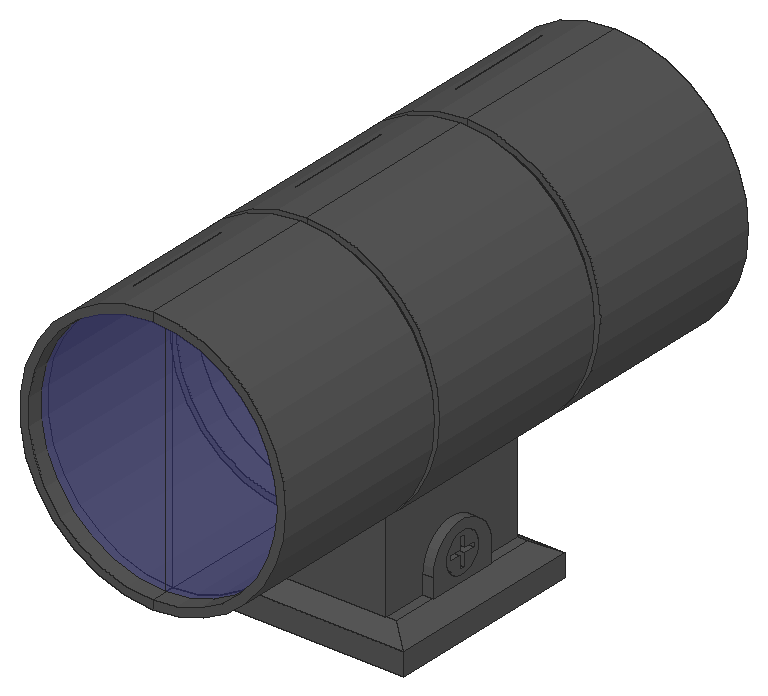
Revit family "CARLO CYLINDER LIGHT WALL MOUNT", category Lighting Fixtures, host Face, Revit 2020 (continued)
Types (10): name | Wattage_Input | Wattage Comments | Wattage | Photometric Web File | built-in parameter 1150142 | Model | built-in parameter 1150105 | Lumens | Light Length 1 | LIGHT RADIUS | LIGHT PLACEMENT | LIGHT LENGTH | LIGHT DIA | built-in parameter 1150106 | FIXED END HEIGHT | Curve base Height | Base Curve | BEAMING ANGLE | Apparent Load
    9.3 1377.2 1374.4 1370.7 1366 1360.4 1354.1 1347.2 1339.9 1332.4 \r\n 1324.4 1315.7 1306.2 1295.4 1284.6 1275.5 1266.8 1257.2 1247.3 1237.7 \r\n 1227.5 1216.2 1204 1190.9 1177.2 1163.5 1149.4 1135.2 1120.4 1104.3 \r\n 1087.4 1070.4 1052.6 1033.7 1013.7 992.05 969.44 946.41 922.47 897.19 \r\n 870.94 843.11 816.25 793.11 772.49 754.42 737.97 722.16 707.13 692.66 \r\n 678.81 665.66 652.86 639.98 627.31 615.14 603.06 590.68 578.18 565.57 \r\n 552.96 541.01 528.13 513.46 495.39 471.49 443.45 411.52 377.68 344.14 \r\n 310.4 276.73 243.02 208.86 175.45 143.49 114.15 88.456 67.452 53.148 \r\n 43.62 38.264 35.123 31.79 29.02 26.872 25.024 23.07 21.316 19.985 \r\n 18.925 18.092 17.38 16.643 15.961 15.383 14.859 14.35 13.877 13.453 \r\n 13.069 12.721 12.403 12.101 11.828 11.603 11.396 11.177 10.97 10.798 \r\n 10.626 10.417 10.206 10.025 9.8421 9.6334 9.4106 9.1789 8.9335 8.6682 \r\n 8.3927 8.1117 7.8337 7.5743 7.317 7.0439 6.7743 6.5308 6.2862 6.0118 \r\n 5.7352 5.4758 5.229 5.0044 4.7799 4.5251 4.274 4.0627 3.8541 3.6112 \r\n 3.3696 3.1597 2.9602 2.7583 2.5587 2.3594 2.1673 1.9928 1.8237 1.6464 \r\n 1.4761 1.3294 1.1896 1.0384 0.89724 0.79067 0.69093 0.57011 0.45591 0.37329 \r\n 0.30266 0.22901 0.1635 0.11541 0.075299 0.032137 0 0 0 0 \r\n 0 0 0 0 0 0.033835 0.078472 0.11806 0.16489 0.22963 \r\n 0.30135 0.3665 0.44354 0.5556 0.6752 0.77285 0.87777 1.0201 1.1725 1.312 \r\n 1.4561 1.6171 1.7879 1.9674 2.1501 2.3252 2.5077 2.7158 2.9295 3.1273 \r\n 3.3321 3.5701 3.8103 4.0197 4.2316 4.4783 4.73 4.9599 5.1906 5.4379 \r\n 5.696 5.9699 6.2431 6.4928 6.7432 7.0185 7.296 7.5548 7.8136 8.0877 \r\n 8.3656 8.6469 8.914 9.1417 9.3526 9.5648 9.7657 9.9406 10.114 10.315 \r\n 10.515 10.681 10.848 11.042 11.254 11.475 11.719 12.001 12.314 12.657 \r\n 13.027 13.416 13.837 14.304 14.809 15.34 15.928 16.614 17.358 18.094 \r\n 18.94 19.968 21.257 22.99 24.936 26.788 28.947 31.727 35.083 38.056 \r\n 43.7 55.296 71.21 91.075 114.37 140.41 169.33 201.68 235.59 269.2 \r\n 303.08 337.36 371.48 405.56 437.79 466.46 491.43 511.48 528.12 541.95 \r\n 554.43 567.51 580.37 592.78 604.96 616.97 629.11 641.82 654.75 667.53 \r\n 680.63 694.46 708.84 723.65 739.18 755.43 773.17 793.12 815.49 841.66 \r\n 868.94 894.86 920.12 944.58 968.27 991.24 1013.2 1033.8 1053.2 1071.5 \r\n 1088.9 1105.8 1122 1137.2 1151.8 1165.9 1179.7 1193.3 1206.4 1218.8 \r\n 1230.4 1240.9 1250.8 1260.8 1270.5 1279.8 1289.3 1300.3 1311.3 1320.8 \r\n 1329.6 1337.8 1345.4 1352.5 1359.2 1365.2 1370.7 1375.5 1379.4 1381.8 \r\n 1383.5 1385.2 1387.3 1390.9 1395 1399.3 1403.4 1407.2 1410.4 1412.3 \r\n 1412.7 \r\n1391.1 1412 1410.1 1407 1403.3 1399.3 1395.1 1390.9 1387.2 1385.2 \r\n 1383.6 1381.7 1379.2 1375.4 1370.8 1365.3 1359.1 1352.4 1345.1 1337.7 \r\n 1329.7 1321 1311.5 1300.4 1289.3 1280 1271 1261.4 1251.5 1241.7 \r\n 1231.5 1220.1 1207.8 1194.6 1180.8 1166.9 1152.8 1138.5 1123.4 1107.2 \r\n 1090.2 1073 1054.9 1035.8 1015.4 993.47 970.51 947.08 922.86 897.61 \r\n 871.58 844.13 817.7 794.87 774.48 756.54 740.18 724.53 709.61 695.07 \r\n 681.15 668.16 655.51 642.58 629.84 617.77 605.8 593.46 580.91 568.05 \r\n 555.12 542.94 529.67 514.09 495.11 470.78 442.46 410.14 375.96 342.28 \r\n 308.48 274.74 241.01 206.85 173.61 142.12 113.42 88.625 68.294 53.775 \r\n 43.826 38.398 35.252 31.864 29.042 26.87 25.011 23.057 21.312 20.002 \r\n 18.958 18.116 17.389 16.639 15.946 15.362 14.836 14.326 13.852 13.426 \r\n 13.036 12.675 12.343 12.036 11.76 11.527 11.315 11.101 10.899 10.73 \r\n 10.562 10.357 10.15 9.9732 9.7963 9.5963 9.3828 9.1607 8.9221 8.6553 \r\n 8.377 8.0988 7.8242 7.565 7.3069 7.0332 6.7624 6.5161 6.2687 5.9931 \r\n 5.7162 5.4576 5.2119 4.9871 4.7624 4.5087 4.2584 4.0461 3.8369 3.5964 \r\n 3.358 3.1513 2.9529 2.7449 2.5405 2.3483 2.164 1.9877 1.8154 1.6396 \r\n 1.4714 1.3237 1.1826 1.0316 0.89103 0.78535 0.68624 0.56503 0.45089 0.37081 \r\n 0.30273 0.22929 0.16337 0.11536 0.075338 0.032167 0 0 0 0 \r\n 0 0 0 0 0 0.032167 0.075338 0.11536 0.16337 0.22929 \r\n 0.30273 0.37081 0.45089 0.56503 0.68624 0.78535 0.89103 1.0316 1.1826 1.3237 \r\n 1.4714 1.6396 1.8154 1.9877 2.164 2.3483 2.5405 2.7449 2.9529 3.1513 \r\n 3.358 3.5964 3.8369 4.0461 4.2584 4.5087 4.7624 4.9871 5.2119 5.4576 \r\n 5.7162 5.9931 6.2687 6.5161 6.7624 7.0332 7.3069 7.565 7.8242 8.0988 \r\n 8.377 8.6553 8.9221 9.1607 9.3828 9.5963 9.7963 9.9732 10.15 10.357 \r\n 10.562 10.73 10.899 11.101 11.315 11.527 11.76 12.036 12.343 12.675 \r\n 13.036 13.426 13.852 14.326 14.836 15.362 15.946 16.639 17.389 18.116 \r\n 18.958 20.002 21.312 23.057 25.011 26.87 29.042 31.864 35.252 38.398 \r\n 43.826 53.775 68.294 88.625 113.42 142.12 173.61 206.85 241.01 274.74 \r\n 308.48 342.28 375.96 410.14 442.46 470.78 495.11 514.09 529.67 542.94 \r\n 555.12 568.05 580.91 593.46 605.8 617.77 629.84 642.58 655.51 668.16 \r\n 681.15 695.07 709.61 724.53 740.18 756.54 774.48 794.87 817.7 844.13 \r\n 871.58 897.61 922.86 947.08 970.51 993.47 1015.4 1035.8 1054.9 1073 \r\n 1090.2 1107.2 1123.4 1138.5 1152.8 1166.9 1180.8 1194.6 1207.8 1220.1 \r\n 1231.5 1241.7 1251.5 1261.4 1271 1280 1289.3 1300.4 1311.5 1321 \r\n 1329.7 1337.7 1345.1 1352.4 1359.1 1365.3 1370.8 1375.4 1379.2 1381.7 \r\n 1383.6 1385.2 1387.2 1390.9 1395.1 1399.3 1403.3 1407 1410.1 1412 \r\n 1412.7 \r\n1391.1 1412.3 1410.4 1407.2 1403.4 1399.3 1395 1390.9 1387.3 1385.2 \r\n 1383.5 1381.8 1379.4 1375.5 1370.7 1365.2 1359.2 1352.5 1345.4 1337.8 \r\n 1329.6 1320.8 1311.3 1300.3 1289.3 1279.8 1270.5 1260.8 1250.8 1240.9 \r\n 1230.4 1218.8 1206.4 1193.3 1179.7 1165.9 1151.8 1137.2 1122 1105.8 \r\n 1088.9 1071.5 1053.2 1033.8 1013.2 991.24 968.27 944.58 920.12 894.86 \r\n 868.94 841.66 815.49 793.12 773.17 755.43 739.18 723.65 708.84 694.46 \r\n 680.63 667.53 654.75 641.82 629.11 616.97 604.96 592.78 580.37 567.51 \r\n 554.43 541.95 528.12 511.48 491.43 466.46 437.79 405.56 371.48 337.36 \r\n 303.08 269.2 235.59 201.68 169.33 140.41 114.37 91.075 71.21 55.296 \r\n 43.7 38.056 35.083 31.727 28.947 26.788 24.936 22.99 21.257 19.968 \r\n 18.94 18.094 17.358 16.614 15.928 15.34 14.809 14.304 13.837 13.416 \r\n 13.027 12.657 12.314 12.001 11.719 11.475 11.254 11.042 10.848 10.681 \r\n 10.515 10.315 10.114 9.9406 9.7657 9.5648 9.3526 9.1417 8.914 8.6469 \r\n 8.3656 8.0877 7.8136 7.5548 7.296 7.0185 6.7432 6.4928 6.2431 5.9699 \r\n 5.696 5.4379 5.1906 4.9599 4.73 4.4783 4.2316 4.0197 3.8103 3.5701 \r\n 3.3321 3.1273 2.9295 2.7158 2.5077 2.3252 2.1501 1.9674 1.7879 1.6171 \r\n 1.4561 1.312 1.1725 1.0201 0.87777 0.77285 0.6752 0.5556 0.44354 0.3665 \r\n 0.30135 0.22963 0.16489 0.11806 0.078472 0.033835 0 0 0 0 \r\n 0 0 0 0 0 0.032137 0.075299 0.11541 0.1635 0.22901 \r\n 0.30266 0.37329 0.45591 0.57011 0.69093 0.79067 0.89724 1.0384 1.1896 1.3294 \r\n 1.4761 1.6464 1.8237 1.9928 2.1673 2.3594 2.5587 2.7583 2.9602 3.1597 \r\n 3.3696 3.6112 3.8541 4.0627 4.274 4.5251 4.7799 5.0044 5.229 5.4758 \r\n 5.7352 6.0118 6.2862 6.5308 6.7743 7.0439 7.317 7.5743 7.8337 8.1117 \r\n 8.3927 8.6682 8.9335 9.1789 9.4106 9.6334 9.8421 10.025 10.206 10.417 \r\n 10.626 10.798 10.97 11.177 11.396 11.603 11.828 12.101 12.403 12.721 \r\n 13.069 13.453 13.877 14.35 14.859 15.383 15.961 16.643 17.38 18.092 \r\n 18.925 19.985 21.316 23.07 25.024 26.872 29.02 31.79 35.123 38.264 \r\n 43.62 53.148 67.452 88.456 114.15 143.49 175.45 208.86 243.02 276.73 \r\n 310.4 344.14 377.68 411.52 443.45 471.49 495.39 513.46 528.13 541.01 \r\n 552.96 565.57 578.18 590.68 603.06 615.14 627.31 639.98 652.86 665.66 \r\n 678.81 692.66 707.13 722.16 737.97 754.42 772.49 793.11 816.25 843.11 \r\n 870.94 897.19 922.47 946.41 969.44 992.05 1013.7 1033.7 1052.6 1070.4 \r\n 1087.4 1104.3 1120.4 1135.2 1149.4 1163.5 1177.2 1190.9 1204 1216.2 \r\n 1227.5 1237.7 1247.3 1257.2 1266.8 1275.5 1284.6 1295.4 1306.2 1315.7 \r\n 1324.4 1332.4 1339.9 1347.2 1354.1 1360.4 1366 1370.7 1374.4 1377.2 \r\n 1379.3 1380.9 1382.8 1386.1 1389.9 1394.1 1398.1 1401.7 1404.7 1406.8 \r\n 1412.7 \r\n1391.1 1411.5 1409.4 1406.2 1402.2 1398 1393.8 1389.8 1386.3 1384.1 \r\n 1382.4 1380.8 1378.6 1374.5 1369.6 1364.1 1358.1 1351.7 1344.6 1336.8 \r\n 1328.4 1319.5 1310 1299.3 1288.4 1278.6 1269 1259.2 1249.2 1239.1 \r\n 1228.3 1216.5 1204 1191.1 1177.7 1164.1 1149.9 1135.2 1119.8 1103.8 \r\n 1087 1069.4 1051 1031.3 1010.6 988.69 965.8 941.92 917.25 891.98 \r\n 866.15 839.02 813.08 791.13 771.59 754.01 737.84 722.39 707.67 693.45 \r\n 679.72 666.45 653.48 640.55 627.86 615.61 603.53 591.49 579.24 566.42 \r\n 553.24 540.45 526.09 508.49 487.48 461.92 432.96 400.96 367.11 332.54 \r\n 297.78 263.78 230.31 196.68 165.32 139.14 115.92 94.115 74.615 57.098 \r\n 43.657 37.749 34.954 31.629 28.892 26.742 24.892 22.955 21.231 19.956 \r\n 18.938 18.084 17.339 16.603 15.925 15.332 14.795 14.295 13.835 13.419 \r\n 13.031 12.652 12.298 11.978 11.688 11.431 11.201 10.991 10.802 10.636 \r\n 10.472 10.278 10.082 9.9115 9.7377 9.5349 9.323 9.123 8.9062 8.6405 \r\n 8.3579 8.0801 7.8061 7.548 7.2887 7.0071 6.7269 6.4721 6.22 5.9498 \r\n 5.6795 5.4218 5.1724 4.9349 4.6993 4.4498 4.2068 3.9951 3.7853 3.5449 \r\n 3.3071 3.1034 2.9058 2.6875 2.4768 2.3032 2.1363 1.9472 1.7607 1.5949 \r\n 1.4414 1.3015 1.1642 1.0104 0.86611 0.76156 0.66511 0.54753 0.43791 0.36341 \r\n 0.30068 0.23092 0.16767 0.12198 0.082602 0.036067 0.00014719 0 0 0 \r\n 0 0 0 0 0 0.033035 0.077147 0.11763 0.16576 0.23056 \r\n 0.30409 0.37743 0.46269 0.57641 0.69638 0.79711 0.90507 1.047 1.1983 1.3364 \r\n 1.4815 1.653 1.8317 1.9983 2.1718 2.3713 2.5771 2.7716 2.9672 3.1684 \r\n 3.3821 3.6267 3.8719 4.0805 4.2912 4.5426 4.7979 5.0231 5.2486 5.4971 \r\n 5.7577 6.033 6.3052 6.5477 6.7894 7.0583 7.3312 7.588 7.8479 8.1296 \r\n 8.4136 8.6856 8.9484 9.1998 9.4406 9.6734 9.8914 10.08 10.266 10.481 \r\n 10.694 10.869 11.045 11.259 11.482 11.686 11.906 12.178 12.476 12.783 \r\n 13.119 13.498 13.92 14.392 14.901 15.424 15.999 16.669 17.394 18.091 \r\n 18.921 20.007 21.367 23.128 25.08 26.926 29.057 31.774 35.057 38.184 \r\n 43.564 53.101 67.586 89.283 115.68 145.3 177.34 210.74 244.85 278.5 \r\n 312.1 345.82 379.23 412.61 443.98 471.65 495.1 512.25 526.04 538.59 \r\n 550.34 562.62 574.96 587.39 599.81 612.04 624.34 636.96 649.81 662.83 \r\n 676.18 689.97 704.36 719.51 735.5 752.08 770.31 791.19 814.65 841.93 \r\n 870.13 896.57 921.86 945.52 968.14 990.31 1011.5 1031.3 1049.9 1067.4 \r\n 1084.1 1100.8 1116.8 1131.4 1145.4 1159.4 1173 1186.5 1199.5 1211.5 \r\n 1222.7 1232.9 1242.5 1252.3 1261.8 1270.4 1279.2 1289.6 1300.1 1309.5 \r\n 1318.3 1326.4 1334 1341.3 1348.3 1354.7 1360.5 1365.1 1368.9 1371.9 \r\n 1374.2 1375.8 1377.6 1380.5 1383.9 1387.9 1392 1395.5 1398.5 1400.7 \r\n 1412.7 \r\n1391.1 1409.8 1407.7 1404.3 1400.3 1396.1 1391.9 1388 1384.6 1382.3 \r\n 1380.5 1379.1 1377 1372.9 1367.8 1362.4 1356.5 1350.1 1343.1 1335.1 \r\n 1326.5 1317.6 1308.1 1297.6 1287 1277 1267.1 1257.2 1247.1 1236.8 \r\n 1225.8 1213.8 1201.2 1188.5 1175.5 1161.9 1147.8 1132.9 1117.4 1101.5 \r\n 1084.8 1067.2 1048.6 1028.8 1007.9 986.26 963.54 939.54 914.71 889.43 \r\n 863.67 836.65 810.91 789.31 770.11 752.63 736.5 721.1 706.43 692.35 \r\n 678.69 665.24 652.05 639.1 626.42 614.05 601.88 589.95 577.84 565.08 \r\n 551.85 538.79 523.97 505.59 483.8 457.75 428.58 396.89 363.34 328.4 \r\n 293.2 259.1 225.8 192.47 162.04 138.43 117.83 97.344 78.083 58.969 \r\n 43.721 37.539 34.901 31.596 28.892 26.741 24.886 22.955 21.239 19.969 \r\n 18.954 18.089 17.336 16.607 15.937 15.338 14.794 14.297 13.843 13.431 \r\n 13.044 12.657 12.291 11.964 11.666 11.396 11.156 10.947 10.76 10.595 \r\n 10.431 10.242 10.052 9.8833 9.7104 9.5056 9.2939 9.1035 8.8972 8.6348 \r\n 8.3531 8.0757 7.8017 7.5446 7.2851 6.9998 6.7148 6.4558 6.2013 5.9343 \r\n 5.6678 5.4101 5.1583 4.9143 4.6731 4.4256 4.1861 3.9744 3.7637 3.523 \r\n 3.285 3.0817 2.8841 2.6629 2.4508 2.2845 2.1239 1.9292 1.7369 1.5755 \r\n 1.4287 1.2931 1.1584 1.0034 0.85721 0.75264 0.65702 0.54163 0.43452 0.36177 \r\n 0.30066 0.23288 0.17131 0.12651 0.08706 0.038489 0.00039957 0 0 0 \r\n 0 0 0 0 0 0.034959 0.081105 0.12234 0.17059 0.23453 \r\n 0.30779 0.3839 0.47181 0.58462 0.70345 0.80576 0.9157 1.0583 1.2093 1.3455 \r\n 1.4891 1.6616 1.8413 2.0062 2.1793 2.3856 2.5971 2.7864 2.9762 3.1796 \r\n 3.3974 3.6444 3.8913 4.1006 4.3114 4.5625 4.8178 5.0441 5.2712 5.5221 \r\n 5.7842 6.0574 6.3267 6.568 6.8091 7.0777 7.3506 7.6073 7.8679 8.1535 \r\n 8.4403 8.7084 8.9682 9.2249 9.4741 9.7162 9.9432 10.138 10.329 10.548 \r\n 10.763 10.942 11.123 11.343 11.571 11.774 11.993 12.264 12.561 12.86 \r\n 13.187 13.563 13.984 14.456 14.966 15.492 16.066 16.727 17.44 18.13 \r\n 18.963 20.087 21.485 23.249 25.197 27.054 29.186 31.858 35.111 38.239 \r\n 43.752 53.718 68.76 91.107 118.01 147.63 179.5 212.79 246.78 280.34 \r\n 313.86 347.59 380.86 413.65 444.34 471.56 494.49 510.74 523.71 535.98 \r\n 547.61 559.58 571.67 584.04 596.5 608.89 621.36 633.97 646.82 660.09 \r\n 673.68 687.43 701.75 717.03 733.21 749.96 768.4 789.58 813.39 841.04 \r\n 869.55 896.13 921.39 944.8 967.02 988.69 1009.4 1028.9 1047.2 1064.4 \r\n 1080.9 1097.3 1113.2 1127.6 1141.4 1155.3 1168.8 1182.1 1194.9 1206.8 \r\n 1217.9 1228 1237.5 1247.2 1256.7 1265.2 1273.9 1283.9 1294 1303.4 \r\n 1312.2 1320.3 1328 1335.4 1342.4 1349 1354.9 1359.5 1363.3 1366.4 \r\n 1368.9 1370.6 1372.3 1374.7 1377.7 1381.6 1385.7 1389.1 1392 1394.3 \r\n 1412.7 \r\n1391.1 1407.7 1405.5 1402.1 1398 1393.8 1389.6 1385.8 1382.6 1380.2 \r\n 1378.3 1377 1375 1370.9 1365.7 1360.4 1354.5 1348.3 1341.3 1333.2 \r\n 1324.4 1315.4 1306 1295.8 1285.4 1275.2 1265 1255.1 1245 1234.5 \r\n 1223.3 1211.1 1198.5 1186.1 1173.3 1159.9 1145.8 1130.8 1115.3 1099.5 \r\n 1082.9 1065.3 1046.6 1026.7 1005.8 984.39 961.91 937.86 912.93 887.65 \r\n 861.92 835 809.42 788.07 769.09 751.65 735.5 720.11 705.46 691.47 \r\n 677.84 664.2 650.8 637.83 625.14 612.65 600.37 588.5 576.48 563.79 \r\n 550.54 537.29 522.14 503.24 480.93 454.55 425.25 393.9 360.67 325.49 \r\n 289.97 255.82 222.67 189.61 159.94 138.41 119.88 100.36 81.19 60.697 \r\n 43.919 37.485 34.959 31.652 28.96 26.796 24.926 22.996 21.283 20.011 \r\n 18.99 18.114 17.351 16.627 15.964 15.358 14.807 14.311 13.859 13.449 \r\n 13.062 12.667 12.292 11.956 11.65 11.368 11.118 10.907 10.722 10.555 \r\n 10.391 10.206 10.02 9.8538 9.6818 9.4759 9.2649 9.0823 8.885 8.6284 \r\n 8.3505 8.0742 7.8004 7.5448 7.2857 6.9972 6.7081 6.4454 6.189 5.9249 \r\n 5.6616 5.4037 5.1497 4.9001 4.6541 4.4083 4.1715 3.9593 3.7474 3.5061 \r\n 3.2677 3.0643 2.8666 2.6445 2.4327 2.2708 2.1138 1.9154 1.7194 1.5612 \r\n 1.4195 1.2878 1.1557 1 0.85225 0.74727 0.65202 0.53874 0.43389 0.3618 \r\n 0.30123 0.23527 0.17536 0.13106 0.091177 0.040708 0.00067766 0 0 0 \r\n 0 0 0 0 0.0014197 0.038805 0.087394 0.12978 0.17843 0.24156 \r\n 0.31447 0.39334 0.48384 0.59544 0.71302 0.8177 0.93032 1.073 1.2231 1.3579 \r\n 1.5005 1.674 1.855 2.0189 2.1919 2.4039 2.6199 2.8045 2.9892 3.1955 \r\n 3.4176 3.6657 3.9131 4.1241 4.3362 4.5867 4.8413 5.0686 5.2974 5.5513 \r\n 5.8152 6.0855 6.3515 6.5929 6.835 7.1032 7.3759 7.6333 7.8954 8.1844 \r\n 8.4735 8.7377 8.9944 9.2557 9.5124 9.7619 9.9963 10.197 10.393 10.614 \r\n 10.832 11.015 11.2 11.426 11.659 11.865 12.084 12.358 12.656 12.951 \r\n 13.273 13.65 14.073 14.547 15.061 15.592 16.17 16.824 17.532 18.222 \r\n 19.069 20.245 21.691 23.454 25.395 27.28 29.44 32.086 35.343 38.508 \r\n 44.279 55.087 71.038 93.928 121.11 150.59 182.18 215.29 249.12 282.57 \r\n 316 349.7 382.79 414.93 444.85 471.48 493.82 509.22 521.45 533.52 \r\n 545.09 556.83 568.72 581.06 593.59 606.15 618.79 631.43 644.34 657.86 \r\n 671.69 685.44 699.74 715.15 731.53 748.5 767.22 788.77 812.95 840.89 \r\n 869.59 896.24 921.43 944.61 966.49 987.67 1007.9 1027 1045.1 1062 \r\n 1078.2 1094.5 1110.1 1124.4 1138 1151.7 1165.2 1178.2 1190.8 1202.6 \r\n 1213.6 1223.6 1233.2 1242.8 1252.1 1260.7 1269.4 1279 1288.7 1298 \r\n 1306.8 1315 1322.8 1330.2 1337.2 1343.9 1349.8 1354.4 1358.2 1361.4 \r\n 1363.9 1365.7 1367.3 1369.3 1371.9 1375.7 1379.8 1383.1 1386 1388.4 \r\n 1412.7 \r\n1391.1 1406.1 1404 1400.6 1396.6 1392.4 1388.2 1384.5 1381.2 1378.7 \r\n 1376.7 1375.4 1373.6 1369.6 1364.6 1359.3 1353.5 1347.2 1340.3 1332.2 \r\n 1323.5 1314.5 1305.1 1295.1 1284.9 1274.5 1264.2 1254.3 1244.2 1233.6 \r\n 1222.5 1210.2 1197.5 1185.3 1172.8 1159.5 1145.4 1130.4 1114.8 1099.1 \r\n 1082.7 1065.1 1046.5 1026.7 1006 984.78 962.53 938.6 913.7 888.35 \r\n 862.57 835.77 810.31 788.95 769.9 752.35 736.08 720.63 705.92 691.81 \r\n 678.07 664.36 650.9 637.86 625.1 612.56 600.24 588.26 576.15 563.47 \r\n 550.26 537.06 521.98 503.22 481.04 454.66 425.37 394.17 361.11 326.04 \r\n 29
